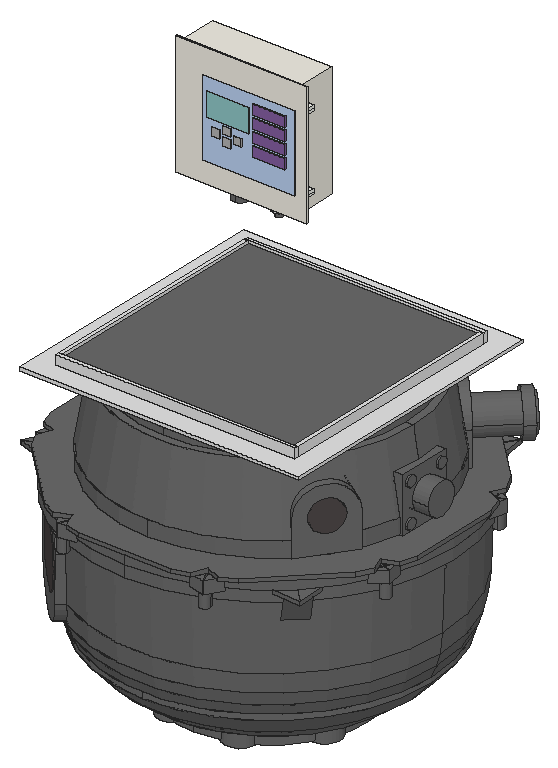
Revit family "281250s (200)", category Generic Models, Revit 2021 (continued)
Definition of nested family "281250s (200)_part2_X0Y0"
  Definition of nested family "281250s (200)_part2_content"
    Forms (mm)
      Extrusion 16, solid, detail levels medium+fine
        sketch origin (-190, -190, 461) x (0, 1, 0) y (0, 0, 1)
          loop
            line (0, 7.5) -> (0, 0) -> (380, 0) -> (380, 7.5) -> (0, 7.5)
        from 0 to 380
      Extrusion 17, solid, detail levels medium+fine
        sketch origin (0, 0, 461) x (0, 1, 0) y (-1, 0, 0)
          loop
            circle (0, 0) r 208.5
        from 0 to 7.5
      Extrusion 18, solid, detail levels medium+fine
        sketch origin (-222, -222, 468.5) x (0, 1, 0) y (0, 0, 1)
          loop
            line (0, 5) -> (0, 0) -> (444, 0) -> (444, 5) -> (0, 5)
        from 0 to 444
      Extrusion 19, solid, detail levels medium+fine
        sketch origin (-184, -184, 473.5) x (0, 1, 0) y (0, 0, 1)
          loop
            line (0, 12) -> (0, 0) -> (368, 0) -> (368, 12) -> (0, 12)
        from 0 to 368
      Extrusion 20, solid, detail levels medium+fine
        sketch origin (0, 60, 320) x (0, -1, 0) y (0, 0, 1)
          loop
            line (0, 50) -> (0, 0) -> (120, 0) -> (120, 50) -> (0, 50)
        from 0 to 245.5
      Extrusion 21, solid, detail levels medium+fine
        sketch origin (0, 0, 370) x (0, -1, 0) y (0, 0, 1)
          loop
            circle (0, 0) r 60
        from 0 to 245.5
      Extrusion 22, solid, detail levels medium+fine
        sketch origin (-244, 0, 370) x (0, -1, 0) y (0, 0, 1)
          loop
            circle (0, 0) r 35.1
        from 0 to 1.75
      Extrusion 23, solid, detail levels medium+fine
        sketch origin (31.82, -31.82, 320) x (-0.707107, 0.707107, 0) y (0, 0, 1)
          loop
            line (0, 55.25) -> (0, 0) -> (90, 0) -> (90, 55.25) -> (0, 55.25)
        from 0 to 245.5
      Extrusion 24, solid, detail levels medium+fine
        sketch origin (0, 0, 375.25) x (-0.707107, 0.707107, 0) y (0, 0, 1)
          loop
            circle (0, 0) r 45
        from 0 to 245.5
      Extrusion 25, solid, detail levels medium+fine
        sketch origin (0, 0, 370) x (-0.707107, 0.707107, 0) y (0, 0, 1)
          loop
            circle (0, 0) r 27.7
        from 0 to 311.36
      Extrusion 26, solid, detail levels medium+fine
        sketch origin (0, 27.5, 332.75) x (0, 1, 0) y (0, 0, 1)
          loop
            circle (0, 0) r 8
        from 0 to 250
      Extrusion 27, solid, detail levels medium+fine
        sketch origin (0, -46.25, 320) x (0, 1, 0) y (0, 0, 1)
          loop
            line (0, 86.5) -> (0, 0) -> (86.5, 0) -> (86.5, 86.5) -> (0, 86.5)
        from 0 to 245.5
      Extrusion 28, solid, detail levels medium+fine
        sketch origin (0, -3, 363.25) x (0, 1, 0) y (0, 0, 1)
          loop
            circle (0, 0) r 24.75
        from 0 to 272.5
      Extrusion 29, solid, detail levels medium+fine
        sketch origin (0, 27.5, 393.75) x (0, 1, 0) y (0, 0, 1)
          loop
            circle (0, 0) r 8
        from 0 to 250
      Extrusion 30, solid, detail levels medium+fine
        sketch origin (0, -33.5, 332.75) x (0, 1, 0) y (0, 0, 1)
          loop
            circle (0, 0) r 8
        from 0 to 250
      Extrusion 31, solid, detail levels medium+fine
        sketch origin (0, -33.5, 393.75) x (0, 1, 0) y (0, 0, 1)
          loop
            circle (0, 0) r 8
        from 0 to 250
      Extrusion 32, solid, detail levels medium+fine
        sketch origin (-25.811, -36.862, 320) x (0.573577, 0.819152, 0) y (0, 0, 1)
          loop
            line (0, 55.25) -> (0, 0) -> (90, 0) -> (90, 55.25)
            arc (90, 55.25) -> (45, 100.25) -> (0, 55.25) r 45
        from 0 to 245.5
      Extrusion 33, solid, detail levels medium+fine
        sketch origin (199.873, -139.953, 375.25) x (0.573577, 0.819152, 0) y (0, 0, 1)
          loop
            circle (0, 0) r 25
        from 0 to 1.75
      Extrusion 34, solid, detail levels medium+fine
        sketch origin (-53.002, 127.957, 0) x (-0.92388, -0.382683, 0) y (0.382683, -0.92388, 0)
          loop
            circle (0, 0) r 25
        from 0 to 28.5
      Extrusion 35, solid, detail levels medium+fine
        sketch origin (-127.957, -53.002, 0) x (0.382683, -0.92388, 0) y (0.92388, 0.382683, 0)
          loop
            circle (0, 0) r 25
        from 0 to 28.5
      Extrusion 36, solid, detail levels medium+fine
        sketch origin (53.002, -127.957, 0) x (0.92388, 0.382683, 0) y (-0.382683, 0.92388, 0)
          loop
            circle (0, 0) r 25
        from 0 to 28.5
      Extrusion 37, solid, detail levels medium+fine
        sketch origin (53.002, 127.957, 0) x (-0.923879, 0.382684, 0) y (-0.382684, -0.923879, 0)
          loop
            circle (0, 0) r 25
        from 0 to 28.5
      Extrusion 38, solid, detail levels medium+fine
        sketch origin (-127.957, 53.002, 0) x (-0.382684, -0.923879, 0) y (0.923879, -0.382684, 0)
          loop
            circle (0, 0) r 25
        from 0 to 28.5
      Extrusion 39, solid, detail levels medium+fine
        sketch origin (-53.002, -127.957, 0) x (0.923879, -0.382684, 0) y (0.382684, 0.923879, 0)
          loop
            circle (0, 0) r 25
        from 0 to 28.5
      Extrusion 40, solid, detail levels medium+fine
        sketch origin (127.957, -53.002, 0) x (0.382684, 0.923879, 0) y (-0.923879, 0.382684, 0)
          loop
            circle (0, 0) r 25
        from 0 to 28.5
      Extrusion 41, solid, detail levels medium+fine
        sketch origin (127.957, 53.002, 0) x (-0.382683, 0.92388, 0) y (-0.92388, -0.382683, 0)
          loop
            circle (0, 0) r 25
        from 0 to 28.5
      Extrusion 42, solid, detail levels medium+fine
        sketch origin (0, 0, 209) x (0, -1, 0) y (0, 0, 1)
          loop
            line (-72.693, 35.337) -> (-68.918, -37.767)
            arc (-68.918, -37.767) -> (-63.198, -56.139) -> (-50.593, -70.678) r 46.983
            line (-50.593, -70.678) -> (-49.193, -71.697)
            arc (-49.193, -71.697) -> (-25.794, -83.147) -> (0, -86.788) r 83.079
            arc (0, -86.788) -> (25.794, -83.147) -> (49.193, -71.697) r 83.079
            line (49.193, -71.697) -> (50.593, -70.678)
            arc (50.593, -70.678) -> (63.198, -56.139) -> (68.918, -37.767) r 46.983
            line (68.918, -37.767) -> (72.693, 35.337)
            arc (72.693, 35.337) -> (71.616, 38.805) -> (69.783, 41.939) r 15.989
            arc (69.783, 41.939) -> (60.032, 51.336) -> (48.652, 58.679) r 69.984
            line (48.652, 58.679) -> (47.252, 59.417)
            arc (47.252, 59.417) -> (24.369, 68.322) -> (0, 71.344) r 99.373
            arc (0, 71.344) -> (-24.369, 68.322) -> (-47.252, 59.417) r 99.373
            line (-47.252, 59.417) -> (-48.652, 58.679)
            arc (-48.652, 58.679) -> (-60.032, 51.336) -> (-69.783, 41.939) r 69.984
            arc (-69.783, 41.939) -> (-71.616, 38.805) -> (-72.693, 35.337) r 15.989
        from 0 to 277.5
      Extrusion 43, solid, detail levels medium+fine
        sketch origin (0, 0, 209) x (0, -1, 0) y (0, 0, 1)
          loop
            circle (0, 0) r 55
        from 0 to 326
      Extrusion 44, solid, detail levels medium+fine
        sketch origin (0, 0, 209) x (0.707107, -0.707107, 0) y (0, 0, 1)
          loop
            line (-72.693, 35.337) -> (-68.918, -37.767)
            arc (-68.918, -37.767) -> (-63.198, -56.139) -> (-50.593, -70.678) r 46.983
            line (-50.593, -70.678) -> (-49.193, -71.697)
            arc (-49.193, -71.697) -> (-25.794, -83.147) -> (0, -86.788) r 83.079
            arc (0, -86.788) -> (25.794, -83.147) -> (49.193, -71.697) r 83.079
            line (49.193, -71.697) -> (50.593, -70.678)
            arc (50.593, -70.678) -> (63.198, -56.139) -> (68.918, -37.767) r 46.983
            line (68.918, -37.767) -> (72.693, 35.337)
            arc (72.693, 35.337) -> (71.616, 38.805) -> (69.783, 41.939) r 15.989
            arc (69.783, 41.939) -> (60.032, 51.336) -> (48.652, 58.679) r 69.984
            line (48.652, 58.679) -> (47.252, 59.417)
            arc (47.252, 59.417) -> (24.369, 68.322) -> (0, 71.344) r 99.373
            arc (0, 71.344) -> (-24.369, 68.322) -> (-47.252, 59.417) r 99.373
            line (-47.252, 59.417) -> (-48.652, 58.679)
            arc (-48.652, 58.679) -> (-60.032, 51.336) -> (-69.783, 41.939) r 69.984
            arc (-69.783, 41.939) -> (-71.616, 38.805) -> (-72.693, 35.337) r 15.989
        from 0 to 277.5
      Extrusion 45, solid, detail levels medium+fine
        sketch origin (0, 0, 209) x (-0.707107, -0.707107, 0) y (0, 0, 1)
          loop
            line (-72.693, 35.337) -> (-68.918, -37.767)
            arc (-68.918, -37.767) -> (-63.198, -56.139) -> (-50.593, -70.678) r 46.983
            line (-50.593, -70.678) -> (-49.193, -71.697)
            arc (-49.193, -71.697) -> (-25.794, -83.147) -> (0, -86.788) r 83.079
            arc (0, -86.788) -> (25.794, -83.147) -> (49.193, -71.697) r 83.079
            line (49.193, -71.697) -> (50.593, -70.678)
            arc (50.593, -70.678) -> (63.198, -56.139) -> (68.918, -37.767) r 46.983
            line (68.918, -37.767) -> (72.693, 35.337)
            arc (72.693, 35.337) -> (71.616, 38.805) -> (69.783, 41.939) r 15.989
            arc (69.783, 41.939) -> (60.032, 51.336) -> (48.652, 58.679) r 69.984
            line (48.652, 58.679) -> (47.252, 59.417)
            arc (47.252, 59.417) -> (24.369, 68.322) -> (0, 71.344) r 99.373
            arc (0, 71.344) -> (-24.369, 68.322) -> (-47.252, 59.417) r 99.373
            line (-47.252, 59.417) -> (-48.652, 58.679)
            arc (-48.652, 58.679) -> (-60.032, 51.336) -> (-69.783, 41.939) r 69.984
            arc (-69.783, 41.939) -> (-71.616, 38.805) -> (-72.693, 35.337) r 15.989
        from 0 to 277.5
      Extrusion 46, solid, detail levels medium+fine
        sketch origin (-195.161, -195.161, 209) x (0.707107, -0.707107, 0) y (0, 0, 1)
          loop
            circle (0, 0) r 50.1
        from 0 to 1.75
      Extrusion 47, solid, detail levels medium+fine
        sketch origin (-195.162, 195.162, 209) x (-0.707107, -0.707107, 0) y (0, 0, 1)
          loop
            circle (0, 0) r 50.1
        from 0 to 1.75
      Extrusion 48, solid, detail levels medium+fine
        sketch origin (220.165, 220.165, 370) x (-0.707107, 0.707107, 0) y (0, 0, 1)
          loop
            circle (0, 0) r 34.75
        from 0 to 15.7
      Extrusion 49, solid, detail levels medium+fine
        sketch origin (230.559, 230.559, 370) x (-0.707107, 0.707107, 0) y (0, 0, 1)
          loop
            circle (0, 0) r 27.7
        from 0 to 4.8
      Extrusion 50, solid, detail levels medium+fine
        sketch origin (232.893, 232.893, 370) x (-0.707107, 0.707107, 0) y (0, 0, 1)
          loop
            circle (0, 0) r 20
        from 0 to 1.7
      Extrusion 51, solid, detail levels medium+fine
        sketch origin (225.963, 240.105, 376) x (-0.707107, 0.707107, 0) y (0, 0, 1)
          loop
            circle (0, 0) r 4.2
        from 0 to 1.8
      Extrusion 52, solid, detail levels medium+fine
        sketch origin (225.963, 240.105, 364) x (-0.707107, 0.707107, 0) y (0, 0, 1)
          loop
            circle (0, 0) r 4.2
        from 0 to 1.8
      Extrusion 53, solid, detail levels medium+fine
        sketch origin (240.105, 225.963, 364) x (-0.707107, 0.707107, 0) y (0, 0, 1)
          loop
            circle (0, 0) r 4.2
        from 0 to 1.8
      Extrusion 54, solid, detail levels medium+fine
        sketch origin (240.105, 225.963, 376) x (-0.707107, 0.707107, 0) y (0, 0, 1)
          loop
            circle (0, 0) r 4.2
        from 0 to 1.8
      Extrusion 55, solid, detail levels medium+fine
        sketch origin (-259.107, -87.843, 294.5) x (-0.92388, -0.382683, 0) y (0, 0, -1)
          loop
            line (0, 48.5) -> (0, 0) -> (29.9, 0) -> (0, 48.5)
        from 0 to 36
      Extrusion 56, solid, detail levels medium+fine
        sketch origin (-272.082, -112.7, 273) x (0.382683, -0.92388, 0) y (0.92388, 0.382683, 0)
          loop
            circle (0, 0) r 7.75
        from 0 to 21.5
      Extrusion 57, solid, detail levels medium+fine
        sketch origin (-265.153, -109.83, 300) x (-0.92388, -0.382683, 0) y (-0.382683, 0.92388, 0)
          loop
            line (36.5, 0) -> (0, 0) -> (0, -32) -> (36.5, 0)
        from 0 to 5.5
      Extrusion 58, solid, detail levels medium+fine
        sketch origin (-265.153, -109.83, 314) x (-0.92388, -0.382683, 0) y (-0.382683, 0.92388, 0)
          loop
            line (17, 0) -> (0, 0) -> (0, -25) -> (17, 0)
        from 0 to 14
      Extrusion 59, solid, detail levels medium+fine
        sketch origin (-265.153, -109.83, 294.5) x (-0.382683, 0.92388, 0) y (-0.92388, -0.382683, 0)
          loop
            line (0, 36.5) -> (0, 0) -> (32, 0) -> (0, 36.5)
        from 0 to 5.5
      Extrusion 60, solid, detail levels medium+fine
        sketch origin (-265.153, -109.83, 300) x (-0.382683, 0.92388, 0) y (-0.92388, -0.382683, 0)
          loop
            line (0, 17) -> (0, 0) -> (25, 0) -> (0, 17)
        from 0 to 14
      Extrusion 61, solid, detail levels medium+fine
        sketch origin (-245.331, 121.102, 294.5) x (-0.923879, 0.382684, 0) y (0, 0, -1)
          loop
            line (0, 48.5) -> (0, 0) -> (29.9, 0) -> (0, 48.5)
        from 0 to 36
      Extrusion 62, solid, detail levels medium+fine
        sketch origin (-272.082, 112.7, 273) x (-0.382684, -0.923879, 0) y (0.923879, -0.382684, 0)
          loop
            circle (0, 0) r 7.75
        from 0 to 21.5
      Extrusion 63, solid, detail levels medium+fine
        sketch origin (-265.153, 109.83, 300) x (-0.923879, 0.382684, 0) y (0.382684, 0.923879, 0)
          loop
            line (36.5, 0) -> (0, 0) -> (0, -32) -> (36.5, 0)
        from 0 to 5.5
      Extrusion 64, solid, detail levels medium+fine
        sketch origin (-265.153, 109.83, 314) x (-0.923879, 0.382684, 0) y (0.382684, 0.923879, 0)
          loop
            line (17, 0) -> (0, 0) -> (0, -25) -> (17, 0)
        from 0 to 14
      Extrusion 65, solid, detail levels medium+fine
        sketch origin (-265.153, 109.83, 294.5) x (0.382684, 0.923879, 0) y (-0.923879, 0.382684, 0)
          loop
            line (0, 36.5) -> (0, 0) -> (32, 0) -> (0, 36.5)
        from 0 to 5.5
      Extrusion 66, solid, detail levels medium+fine
        sketch origin (-265.153, 109.83, 300) x (0.382684, 0.923879, 0) y (-0.923879, 0.382684, 0)
          loop
            line (0, 17) -> (0, 0) -> (25, 0) -> (0, 17)
        from 0 to 14
      Extrusion 67, solid, detail levels medium+fine
        sketch origin (-190, 184, 473.5) x (0, 1, 0) y (0, 0, 1)
          loop
            line (0, 15) -> (0, 0) -> (6, 0) -> (6, 15) -> (0, 15)
        from 0 to 380
      Extrusion 68, solid, detail levels medium+fine
        sketch origin (-190, -190, 473.5) x (0, 1, 0) y (0, 0, 1)
          loop
            line (0, 15) -> (0, 0) -> (6, 0) -> (6, 15) -> (0, 15)
        from 0 to 380
      Extrusion 69, solid, detail levels medium+fine
        sketch origin (-190, -184, 473.5) x (0, 1, 0) y (0, 0, 1)
          loop
            line (0, 15) -> (0, 0) -> (368, 0) -> (368, 15) -> (0, 15)
        from 0 to 6
      Extrusion 70, solid, detail levels medium+fine
        sketch origin (184, -184, 473.5) x (0, 1, 0) y (0, 0, 1)
          loop
            line (0, 15) -> (0, 0) -> (368, 0) -> (368, 15) -> (0, 15)
        from 0 to 6
      Extrusion 71, solid, detail levels medium+fine
        sketch origin (180.312, -205.768, 294.5) x (0.707106, -0.707107, 0) y (0, 0, -1)
          loop
            line (0, 48.5) -> (0, 0) -> (29.9, 0) -> (0, 48.5)
        from 0 to 36
      Extrusion 72, solid, detail levels medium+fine
        sketch origin (202.939, -202.939, 300) x (0.707106, -0.707107, 0) y (-0.707107, -0.707106, 0)
          loop
            line (36.5, 0) -> (0, 0) -> (0, -32) -> (36.5, 0)
        from 0 to 5.5
      Extrusion 73, solid, detail levels medium+fine
        sketch origin (202.939, -202.939, 294.5) x (-0.707107, -0.707106, 0) y (0.707106, -0.707107, 0)
          loop
            line (0, 36.5) -> (0, 0) -> (32, 0) -> (0, 36.5)
        from 0 to 5.5
      Extrusion 74, solid, detail levels medium+fine
        sketch origin (171.331, 213.304, 294.5) x (0.573577, 0.819151, 0) y (0, 0, -1)
          loop
            line (0, 48.5) -> (0, 0) -> (29.9, 0) -> (0, 48.5)
        from 0 to 36
      Extrusion 75, solid, detail levels medium+fine
        sketch origin (164.616, 235.097, 294.5) x (0.819151, -0.573577, 0) y (0.573577, 0.819151, 0)
          loop
            line (0, 36.5) -> (0, 0) -> (32, 0) -> (0, 36.5)
        from 0 to 5.5
      Extrusion 76, solid, detail levels medium+fine
        sketch origin (164.616, 235.097, 300) x (0.573577, 0.819151, 0) y (0.819151, -0.573577, 0)
          loop
            line (36.5, 0) -> (0, 0) -> (0, -32) -> (36.5, 0)
        from 0 to 5.5
      Extrusion 77, solid, detail levels medium+fine
        sketch origin (109.83, 265.153, 294.5) x (0.923879, -0.382684, 0) y (0.382684, 0.923879, 0)
          loop
            line (0, 17) -> (0, 0) -> (25, 0) -> (0, 17)
        from 0 to 19.5
      Extrusion 78, solid, detail levels medium+fine
        sketch origin (112.7, 272.082, 273) x (-0.923879, 0.382684, 0) y (-0.382684, -0.923879, 0)
          loop
            circle (0, 0) r 7.75
        from 0 to 21.5
      Extrusion 79, solid, detail levels medium+fine
        sketch origin (109.83, 265.153, 314) x (0.382684, 0.923879, 0) y (0.923879, -0.382684, 0)
          loop
            line (17, 0) -> (0, 0) -> (0, -25) -> (17, 0)
        from 0 to 19.5
      Extrusion 80, solid, detail levels medium+fine
        sketch origin (272.082, 112.7, 273) x (-0.382683, 0.92388, 0) y (-0.92388, -0.382683, 0)
          loop
            circle (0, 0) r 7.75
        from 0 to 21.5
      Extrusion 81, solid, detail levels medium+fine
        sketch origin (265.153, 109.83, 314) x (0.92388, 0.382683, 0) y (0.382683, -0.92388, 0)
          loop
            line (17, 0) -> (0, 0) -> (0, -25) -> (17, 0)
        from 0 to 19.5
      Extrusion 82, solid, detail levels medium+fine
        sketch origin (265.153, 109.83, 294.5) x (0.382683, -0.92388, 0) y (0.92388, 0.382683, 0)
          loop
            line (0, 17) -> (0, 0) -> (25, 0) -> (0, 17)
        from 0 to 19.5
      Extrusion 83, solid, detail levels medium+fine
        sketch origin (-112.7, 272.082, 273) x (-0.92388, -0.382683, 0) y (0.382683, -0.92388, 0)
          loop
            circle (0, 0) r 7.75
        from 0 to 21.5
      Extrusion 84, solid, detail levels medium+fine
        sketch origin (-109.83, 265.153, 314) x (-0.382683, 0.92388, 0) y (0.92388, 0.382683, 0)
          loop
            line (17, 0) -> (0, 0) -> (0, -25) -> (17, 0)
        from 0 to 19.5
      Extrusion 85, solid, detail levels medium+fine
        sketch origin (-109.83, 265.153, 294.5) x (0.92388, 0.382683, 0) y (-0.382683, 0.92388, 0)
          loop
            line (0, 17) -> (0, 0) -> (25, 0) -> (0, 17)
        from 0 to 19.5
      Extrusion 86, solid, detail levels medium+fine
        sketch origin (272.082, -112.7, 273) x (0.382684, 0.923879, 0) y (-0.923879, 0.382684, 0)
          loop
            circle (0, 0) r 7.75
        from 0 to 21.5
      Extrusion 87, solid, detail levels medium+fine
        sketch origin (265.153, -109.83, 294.5) x (-0.382684, -0.923879, 0) y (0.923879, -0.382684, 0)
          loop
            line (0, 17) -> (0, 0) -> (25, 0) -> (0, 17)
        from 0 to 19.5
      Extrusion 88, solid, detail levels medium+fine
        sketch origin (265.153, -109.83, 314) x (0.923879, -0.382684, 0) y (-0.382684, -0.923879, 0)
          loop
            line (17, 0) -> (0, 0) -> (0, -25) -> (17, 0)
        from 0 to 19.5
      Extrusion 89, solid, detail levels medium+fine
        sketch origin (112.7, -272.082, 273) x (0.92388, 0.382683, 0) y (-0.382683, 0.92388, 0)
          loop
            circle (0, 0) r 7.75
        from 0 to 21.5
      Extrusion 90, solid, detail levels medium+fine
        sketch origin (109.83, -265.153, 314) x (0.382683, -0.92388, 0) y (-0.92388, -0.382683, 0)
          loop
            line (17, 0) -> (0, 0) -> (0, -25) -> (17, 0)
        from 0 to 19.5
      Extrusion 91, solid, detail levels medium+fine
        sketch origin (109.83, -265.153, 294.5) x (-0.92388, -0.382683, 0) y (0.382683, -0.92388, 0)
          loop
            line (0, 17) -> (0, 0) -> (25, 0) -> (0, 17)
        from 0 to 19.5
      Extrusion 92, solid, detail levels medium+fine
        sketch origin (-112.7, -272.082, 273) x (0.923879, -0.382684, 0) y (0.382684, 0.923879, 0)
          loop
            circle (0, 0) r 7.75
        from 0 to 21.5
      Extrusion 93, solid, detail levels medium+fine
        sketch origin (-109.83, -265.153, 294.5) x (-0.923879, 0.382684, 0) y (-0.382684, -0.923879, 0)
          loop
            line (0, 17) -> (0, 0) -> (25, 0) -> (0, 17)
        from 0 to 19.5
      Extrusion 94, solid, detail levels medium+fine
        sketch origin (-109.83, -265.153, 314) x (-0.382684, -0.923879, 0) y (-0.923879, 0.382684, 0)
          loop
            line (17, 0) -> (0, 0) -> (0, -25) -> (17, 0)
        from 0 to 19.5
      Extrusion 95, solid, detail levels coarse
        sketch origin (-17.478, 0, 0) x (1, 0, 0) y (0, 1, 0)
          loop
            line (-308.522, -291.044) -> (308.522, -291.044) -> (308.522, 291.044) -> (-308.522, 291.044) -> (-308.522, -291.044)
        from 0 to 488.5
    Dimensions and locks
      aligned and locked: level to plane 2
